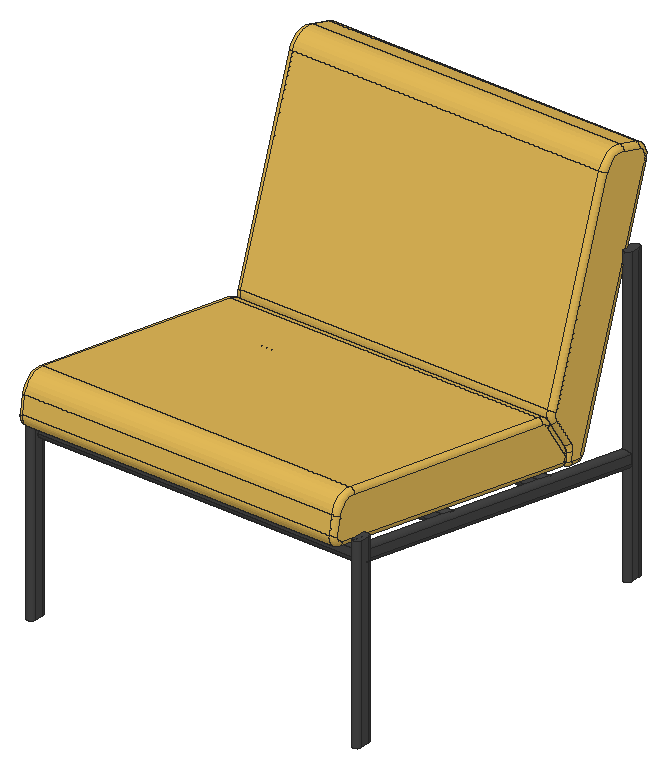
Revit family "Artek_Lounge Chairs_Kiki Lounge Chair_Kiki Lounge Chair", category Furniture, Revit 2018
Family settings
  OmniClass Number = 23.40.20.14.14.11
  OmniClass Title = Chairs
  Work Plane-Based = No
  Always vertical = Yes
  Cut with Voids When Loaded = No
  Shared = No
  Room Calculation Point = No
Parameters (values of type "Kiki Lounge Chair")
  WarrantyStartDate [instance] = "n/a"
  WarrantyGuarantorParts = "n/a"
  WarrantyGuarantorLabor = "n/a"
  WarrantyDurationUnit = "Years"
  WarrantyDurationParts = "n/a"
  WarrantyDurationLabor = "n/a"
  WarrantyDescription = "n/a"
  VersionDate = "11/3/2020"  # constant formula
  Version = "1"  # constant formula
  Uniclass2015Reference = "Pr_40_50_12_48"
  Uniclass2015Description = "Lounge chairs"
  Uniclass2 = "Pr_40_50_12_48"
  URL = "https://www.artek.fi/en/products/kiki-lounge-chair"
  Type Comments = ""
  TagNumber [instance] = "n/a"
  SustainabilityPerformance = "n/a"
  Style = "n/a"
  Size = "600x680x750 mm"
  Shape = "Sculptured"
  SerialNumber [instance] = "n/a"
  SeatingHeight = 413.449 mm
  Revision = "n/a"
  ReplacementCost = "n/a"
  ProductInformation = "The Kiki Lounge Chair has a frame made of distinctive oval steel tubing. The upholstery offers clean, smooth-edged contours that provide comfort and support."
  Product data url = ""
  NominalLength = 602.93 mm
  NominalHeight = 702.678 mm
  NominalDepth = 714.073 mm
  Name = "Kiki Lounge Chair"
  NBSReference = "45-35-20/365"
  NBSDescription = "Domestic chairs"
  ModelReference = "n/a"
  ModelNumber = "28201302"
  Material = "Steel tubing/Upholstery"
  ManufacturerURL = "https://www.artek.fi/"
  ManufacturerName = "Artek"
  Model = "Kiki Lounge Chair"
  Manufacturer = "Artek"
  MainColor = "Black"
  LowestSeatingHeight = SeatingHeight  # 413.449 mm
  LoungeChairSecondaryMaterial = Powder coated black metal
  LoungeChairMainMaterial = Canola
  InstallationDate [instance] = "n/a"
  IfcExportType = "CHAIR"  # constant formula
  IfcExportAs = "IfcFurnishingElementType"  # constant formula
  HighestSeatingHeight = SeatingHeight  # 413.449 mm
  Grade = "n/a"
  Finish = "n/a"
  Features = "n/a"
  ExpectedLife = "n/a"
  DurationUnit = "Years"
  Designer = "Ilmari Tapiovaara"
  Description = "The Kiki Lounge Chair has a frame made of distinctive oval steel tubing. The upholstery offers clean, smooth-edged contours that provide comfort and support."
  Cost = 0
  ConvergoRefNr = "0190-2009-0047-FI"  # constant formula
  Constituents = "n/a"
  Color = "Black"
  Collection = "Kiki Collection"
  CodePerformance = "n/a"
  Barcode [instance] = "n/a"
  AssetIdentifier [instance] = "n/a"
  Category = "Lounge Chairs"
  Brand = "Artek"
  BIMObjectName = "Artek_Lounge Chairs_Kiki Lounge Chair_Kiki Lounge Chair"  # constant formula
  Author = "Convergo AB"  # constant formula
  AssetType = "Movable"
  AccessibilityPerformance = "n/a"
Reference planes
  plane 1 "Center (Front/Back)": y = 0
  plane 2: z = 0
  plane 3 "Center (Left/Right)": x = 0
  plane 4: y = 357.037
  plane 5: x = -301.465
  plane 6: x = 301.465
  plane 7: y = -357.037
  plane 8: z = 702.678
  plane 9: z = 413.449
Dimensions and locks
  equal spacing: plane 5, plane 3 "Center (Left/Right)", plane 6
  "NominalLength": plane 5 to plane 6
  equal spacing: plane 4, plane 1 "Center (Front/Back)", plane 7
  "NominalDepth": plane 7 to plane 4
  "NominalHeight": plane 8 to level
  "SeatingHeight": plane 9 to level
  aligned and locked: level to plane 2
Nested families
  nested 1: "kiki_lounge_chair" at (0, 0, 0), Legs <- "LoungeChairSecondaryMaterial", Sofa <- "LoungeChairMainMaterial", type "kiki_lounge_chair"
    with Sofa Canola, Legs Powder coated black metal
Definition of nested family "kiki_lounge_chair"
  Parameters (values of type "kiki_lounge_chair")
    Sofa [instance] = none
    Legs [instance] = none
  Reference planes
    plane 1 "Center (Front/Back)": y = 0
    plane 2: z = 0
    plane 3 "Center (Left/Right)": x = 0
  Forms (mm)
    Extrusion 1, solid, material <- "Sofa", detail levels medium+fine
      sketch origin (0, 0, 0) x (0, 1, 0) y (0, 0, 1)
        loop
          arc (355.554, 655.179) -> (354.083, 676.227) -> (337.919, 689.789) r 27
          line (337.919, 689.789) -> (301.325, 700.978)
          arc (301.325, 700.978) -> (273.728, 698.571) -> (255.537, 677.679) r 37
          line (255.537, 677.679) -> (138.723, 339.65)
          arc (138.723, 339.65) -> (137.489, 328.004) -> (141.491, 316.997) r 26
          line (141.491, 316.997) -> (173.089, 268.341)
          arc (173.089, 268.341) -> (175.154, 263.418) -> (175.363, 258.083) r 15
          line (175.363, 258.083) -> (173.191, 242.625)
          arc (173.191, 242.625) -> (175.107, 235.215) -> (181.702, 231.331) r 10
          line (181.702, 231.331) -> (196.895, 229.195)
          arc (196.895, 229.195) -> (206.159, 231.122) -> (212.081, 238.501) r 14
          line (212.081, 238.501) -> (355.554, 655.179)
      from -287.063 to 287.063
    Sweep 2, void
      path in 3D
        loop
          arc (287.063, 138.723, 339.65) -> (287.063, 137.489, 328.004) -> (287.063, 141.491, 316.997) r 26
          line (287.063, 141.491, 316.997) -> (287.063, 173.089, 268.341)
          arc (287.063, 173.089, 268.341) -> (287.063, 175.154, 263.418) -> (287.063, 175.363, 258.083) r 15
          line (287.063, 175.363, 258.083) -> (287.063, 173.191, 242.625)
          arc (287.063, 173.191, 242.625) -> (287.063, 175.107, 235.215) -> (287.063, 181.702, 231.331) r 10
          line (287.063, 181.702, 231.331) -> (287.063, 196.895, 229.195)
          arc (287.063, 196.895, 229.195) -> (287.063, 206.159, 231.122) -> (287.063, 212.081, 238.501) r 14
          line (287.063, 212.081, 238.501) -> (287.063, 355.554, 655.179)
          arc (287.063, 355.554, 655.179) -> (287.063, 354.083, 676.227) -> (287.063, 337.919, 689.789) r 27
          line (287.063, 337.919, 689.789) -> (287.063, 301.325, 700.978)
          arc (287.063, 301.325, 700.978) -> (287.063, 273.728, 698.571) -> (287.063, 255.537, 677.679) r 37
          line (287.063, 255.537, 677.679) -> (287.063, 138.723, 339.65)
      profile origin (287.063, 197.13, 508.665) x (0, 0.945155, -0.326621) y (1, 0, 0)
        loop
          line (0, 0) -> (0, -9)
          arc (0, -9) -> (2.636, -2.636) -> (9, 0) r 9
          line (9, 0) -> (0, 0)
    Sweep 3, void
      path in 3D
        loop
          arc (-287.063, 255.537, 677.679) -> (-287.063, 273.728, 698.571) -> (-287.063, 301.325, 700.978) r 37
          line (-287.063, 301.325, 700.978) -> (-287.063, 337.919, 689.789)
          arc (-287.063, 337.919, 689.789) -> (-287.063, 354.083, 676.227) -> (-287.063, 355.554, 655.179) r 27
          line (-287.063, 355.554, 655.179) -> (-287.063, 212.081, 238.501)
          arc (-287.063, 212.081, 238.501) -> (-287.063, 206.159, 231.122) -> (-287.063, 196.895, 229.195) r 14
          line (-287.063, 196.895, 229.195) -> (-287.063, 181.702, 231.331)
          arc (-287.063, 181.702, 231.331) -> (-287.063, 175.107, 235.215) -> (-287.063, 173.191, 242.625) r 10
          line (-287.063, 173.191, 242.625) -> (-287.063, 175.363, 258.083)
          arc (-287.063, 175.363, 258.083) -> (-287.063, 175.154, 263.418) -> (-287.063, 173.089, 268.341) r 15
          line (-287.063, 173.089, 268.341) -> (-287.063, 141.491, 316.997)
          arc (-287.063, 141.491, 316.997) -> (-287.063, 137.489, 328.004) -> (-287.063, 138.723, 339.65) r 26
          line (-287.063, 138.723, 339.65) -> (-287.063, 255.537, 677.679)
      profile origin (-287.063, 197.13, 508.665) x (0, 0.945155, -0.326621) y (-1, 0, 0)
        loop
          line (0, 0) -> (0, -9)
          arc (0, -9) -> (2.636, -2.636) -> (9, 0) r 9
          line (9, 0) -> (0, 0)
    Extrusion 4, solid, material <- "Sofa", detail levels medium+fine
      sketch origin (0, 1.25, 1.25) x (0, 1, 0) y (0, 0, 1)
        loop
          line (115.017, 336.404) -> (-311.402, 411.594)
          arc (-311.402, 411.594) -> (-337.555, 405.796) -> (-351.948, 383.203) r 35
          line (-351.948, 383.203) -> (-357.401, 352.277)
          arc (-357.401, 352.277) -> (-354.127, 337.388) -> (-341.31, 329.132) r 20
          line (-341.31, 329.132) -> (160.701, 237.128)
          arc (160.701, 237.128) -> (168.184, 238.735) -> (172.34, 245.162) r 10
          line (172.34, 245.162) -> (173.526, 251.636)
          arc (173.526, 251.636) -> (173.499, 258.992) -> (170.815, 265.84) r 20
          line (170.815, 265.84) -> (135.249, 322.758)
          arc (135.249, 322.758) -> (126.583, 331.731) -> (115.017, 336.404) r 30
      from -287 to 287
    Sweep 5, void
      path in 3D
        loop
          arc (287, -310.152, 412.844) -> (287, -336.305, 407.046) -> (287, -350.698, 384.453) r 35
          line (287, -350.698, 384.453) -> (287, -356.151, 353.527)
          arc (287, -356.151, 353.527) -> (287, -352.877, 338.638) -> (287, -340.06, 330.382) r 20
          line (287, -340.06, 330.382) -> (287, 161.951, 238.378)
          arc (287, 161.951, 238.378) -> (287, 169.434, 239.985) -> (287, 173.59, 246.412) r 10
          line (287, 173.59, 246.412) -> (287, 174.776, 252.886)
          arc (287, 174.776, 252.886) -> (287, 174.749, 260.242) -> (287, 172.065, 267.09) r 20
          line (287, 172.065, 267.09) -> (287, 136.499, 324.008)
          arc (287, 136.499, 324.008) -> (287, 127.833, 332.981) -> (287, 116.267, 337.654) r 30
          line (287, 116.267, 337.654) -> (287, -310.152, 412.844)
      profile origin (287, -96.943, 375.249) x (0, -0.173648, -0.984808) y (1, 0, 0)
        loop
          line (0, 0) -> (0, -9)
          arc (0, -9) -> (2.636, -2.636) -> (9, 0) r 9
          line (9, 0) -> (0, 0)
    Sweep 6, void
      path in 3D
        loop
          arc (-287, 116.267, 337.654) -> (-287, 127.833, 332.981) -> (-287, 136.499, 324.008) r 30
          line (-287, 136.499, 324.008) -> (-287, 172.065, 267.09)
          arc (-287, 172.065, 267.09) -> (-287, 174.749, 260.242) -> (-287, 174.776, 252.886) r 20
          line (-287, 174.776, 252.886) -> (-287, 173.59, 246.412)
          arc (-287, 173.59, 246.412) -> (-287, 169.434, 239.985) -> (-287, 161.951, 238.378) r 10
          line (-287, 161.951, 238.378) -> (-287, -340.06, 330.382)
          arc (-287, -340.06, 330.382) -> (-287, -352.877, 338.638) -> (-287, -356.151, 353.527) r 20
          line (-287, -356.151, 353.527) -> (-287, -350.698, 384.453)
          arc (-287, -350.698, 384.453) -> (-287, -336.305, 407.046) -> (-287, -310.152, 412.844) r 35
          line (-287, -310.152, 412.844) -> (-287, 116.267, 337.654)
      profile origin (-287, -96.943, 375.249) x (0, -0.173648, -0.984808) y (-1, 0, 0)
        loop
          line (0, 0) -> (0, -9)
          arc (0, -9) -> (2.636, -2.636) -> (9, 0) r 9
          line (9, 0) -> (0, 0)
    Extrusion 7, solid, material <- "Legs", detail levels medium+fine
      sketch origin (0, 0, 0) x (1, 0, 0) y (0, 1, 0)
        loop
          line (-303.062, 314.627) -> (-303.062, 299.653)
          arc (-303.062, 299.653) -> (-295.063, 291.653) -> (-287.063, 299.653) r 8
          line (-287.063, 299.653) -> (-287.063, 314.627)
          arc (-287.063, 314.627) -> (-295.063, 322.627) -> (-303.062, 314.627) r 8
        loop
          arc (303.062, 314.627) -> (295.063, 322.627) -> (287.063, 314.627) r 8
          line (287.063, 314.627) -> (287.063, 299.653)
          arc (287.063, 299.653) -> (295.063, 291.653) -> (303.062, 299.653) r 8
          line (303.062, 299.653) -> (303.062, 314.627)
      from 0 to 535.087
    Extrusion 8, solid, material <- "Legs", detail levels medium+fine
      sketch origin (0, 0, 0) x (1, 0, 0) y (0, 1, 0)
        loop
          line (-303, -299.019) -> (-303, -314.727)
          arc (-303, -314.727) -> (-295, -322.726) -> (-287, -314.727) r 8
          line (-287, -314.727) -> (-287, -299.019)
          arc (-287, -299.019) -> (-295, -291.019) -> (-303, -299.019) r 8
        loop
          arc (303, -299.019) -> (295, -291.019) -> (287, -299.019) r 8
          line (287, -299.019) -> (287, -314.727)
          arc (287, -314.727) -> (295, -322.726) -> (303, -314.727) r 8
          line (303, -314.727) -> (303, -299.019)
      from 0 to 335.082
    Extrusion 9, solid, material <- "Legs", detail levels medium+fine
      sketch origin (0, 0, 0) x (0, 1, 0) y (0, 0, 1)
        loop
          arc (111.893, 225.099) -> (118.303, 215.806) -> (127.596, 222.215) r 7.983
          line (127.596, 222.215) -> (129.981, 235.2)
          arc (129.981, 235.2) -> (123.582, 244.508) -> (114.281, 238.1) r 7.983
          line (114.281, 238.1) -> (111.893, 225.099)
        loop
          arc (-107.976, 264.86) -> (-101.567, 255.567) -> (-92.273, 261.976) r 7.983
          line (-92.273, 261.976) -> (-89.716, 275.9)
          arc (-89.716, 275.9) -> (-96.114, 285.208) -> (-105.416, 278.8) r 7.983
          line (-105.416, 278.8) -> (-107.976, 264.86)
        loop
          arc (-311.839, 300.3) -> (-303.839, 292.3) -> (-295.839, 300.3) r 8
          line (-295.839, 300.3) -> (-295.839, 315.3)
          arc (-295.839, 315.3) -> (-303.839, 323.3) -> (-311.839, 315.3) r 8
          line (-311.839, 315.3) -> (-311.839, 300.3)
        loop
          arc (300.882, 499.263) -> (307.291, 489.969) -> (316.585, 496.379) r 7.983
          line (316.585, 496.379) -> (319.189, 510.559)
          arc (319.189, 510.559) -> (312.78, 519.853) -> (303.487, 513.443) r 7.983
          line (303.487, 513.443) -> (300.882, 499.263)
      from -296.153 to 293.931
    Extrusion 10, solid, material <- "Sofa", detail levels coarse
      sketch origin (0, 0, 0) x (1, 0, 0) y (0, 1, 0)
        loop
          line (301.465, 357.037) -> (-301.465, 357.037) -> (-301.465, -357.037) -> (301.465, -357.037) -> (301.465, 357.037)
      from 0 to 702.678
    Sweep 11, solid, material <- "Legs", detail levels medium+fine
      path origin (281.563, 6.875, 58.75) x (0, 1, 0) y (0, 0, 1)
        loop
          line (304.384, 195.215) -> (-305.712, 305.592)
      profile origin (281.563, 6.211, 309.153) x (0, -0.178027, -0.984026) y (1, 0, 0)
        loop
          line (49.189, -584.238) -> (64.692, -584.238)
          arc (64.692, -584.238) -> (72.192, -576.738) -> (64.692, -569.238) r 7.5
          line (64.692, -569.238) -> (49.189, -569.238)
          arc (49.189, -569.238) -> (41.689, -576.738) -> (49.189, -584.238) r 7.5
    Sweep 12, solid, material <- "Legs", detail levels medium+fine
      path origin (-281.563, 6.875, 58.75) x (0, 1, 0) y (0, 0, -1)
        loop
          line (304.384, -195.215) -> (-305.712, -305.592)
      profile origin (-281.563, 6.211, 309.153) x (0, 0.178027, 0.984026) y (-1, 0, 0)
        loop
          arc (-49.189, -584.238) -> (-41.689, -576.738) -> (-49.189, -569.238) r 7.5
          line (-49.189, -569.238) -> (-64.692, -569.238)
          arc (-64.692, -569.238) -> (-72.192, -576.738) -> (-64.692, -584.238) r 7.5
          line (-64.692, -584.238) -> (-49.189, -584.238)
  Cuts and joins
    Sweep 2, Sweep 3 cuts Extrusion 1
    Sweep 5, Sweep 6 cuts Extrusion 4
    joined: Extrusion 7, Extrusion 8, Extrusion 9
  Lines and regions (mm)
    sketch lines
      curve 1: line (287.063, 255.537, 677.679) -> (287.063, 138.723, 339.65)
      curve 2: arc (287.063, 255.537, 677.679) -> (287.063, 273.728, 698.571) -> (287.063, 301.325, 700.978) r 37
      curve 3: line (287.063, 337.919, 689.789) -> (287.063, 301.325, 700.978)
      curve 4: arc (287.063, 337.919, 689.789) -> (287.063, 354.083, 676.227) -> (287.063, 355.554, 655.179) r 27
      curve 5: line (287.063, 212.081, 238.501) -> (287.063, 355.554, 655.179)
      curve 6: arc (287.063, 141.491, 316.997) -> (287.063, 137.489, 328.004) -> (287.063, 138.723, 339.65) r 26
      curve 7: arc (287.063, 212.081, 238.501) -> (287.063, 206.159, 231.122) -> (287.063, 196.895, 229.195) r 14
      curve 8: line (287.063, 181.702, 231.331) -> (287.063, 196.895, 229.195)
      curve 9: line (287.063, 141.491, 316.997) -> (287.063, 173.089, 268.341)
      curve 10: arc (287.063, 175.363, 258.083) -> (287.063, 175.154, 263.418) -> (287.063, 173.089, 268.341) r 15
      curve 11: line (287.063, 175.363, 258.083) -> (287.063, 173.191, 242.625)
      curve 12: arc (287.063, 181.702, 231.331) -> (287.063, 175.107, 235.215) -> (287.063, 173.191, 242.625) r 10
      curve 13: line (-287.063, 138.723, 339.65) -> (-287.063, 255.537, 677.679)
      curve 14: arc (-287.063, 301.325, 700.978) -> (-287.063, 273.728, 698.571) -> (-287.063, 255.537, 677.679) r 37
      curve 15: line (-287.063, 301.325, 700.978) -> (-287.063, 337.919, 689.789)
      curve 16: arc (-287.063, 355.554, 655.179) -> (-287.063, 354.083, 676.227) -> (-287.063, 337.919, 689.789) r 27
      curve 17: line (-287.063, 355.554, 655.179) -> (-287.063, 212.081, 238.501)
      curve 18: arc (-287.063, 196.895, 229.195) -> (-287.063, 206.159, 231.122) -> (-287.063, 212.081, 238.501) r 14
      curve 19: line (-287.063, 196.895, 229.195) -> (-287.063, 181.702, 231.331)
      curve 20: arc (-287.063, 138.723, 339.65) -> (-287.063, 137.489, 328.004) -> (-287.063, 141.491, 316.997) r 26
      curve 21: line (-287.063, 173.089, 268.341) -> (-287.063, 141.491, 316.997)
      curve 22: arc (-287.063, 173.089, 268.341) -> (-287.063, 175.154, 263.418) -> (-287.063, 175.363, 258.083) r 15
      curve 23: line (-287.063, 173.191, 242.625) -> (-287.063, 175.363, 258.083)
      curve 24: arc (-287.063, 173.191, 242.625) -> (-287.063, 175.107, 235.215) -> (-287.063, 181.702, 231.331) r 10
      curve 25: line (287, 116.267, 337.654) -> (287, -310.152, 412.844)
      curve 26: arc (287, 116.267, 337.654) -> (287, 127.833, 332.981) -> (287, 136.499, 324.008) r 30
      curve 27: line (287, 172.065, 267.09) -> (287, 136.499, 324.008)
      curve 28: arc (287, -350.698, 384.453) -> (287, -336.305, 407.046) -> (287, -310.152, 412.844) r 35
      curve 29: line (287, -350.698, 384.453) -> (287, -356.151, 353.527)
      curve 30: arc (287, -340.06, 330.382) -> (287, -352.877, 338.638) -> (287, -356.151, 353.527) r 20
      curve 31: line (287, -340.06, 330.382) -> (287, 161.951, 238.378)
      curve 32: arc (287, 172.065, 267.09) -> (287, 174.749, 260.242) -> (287, 174.776, 252.886) r 20
      curve 33: arc (287, 173.59, 246.412) -> (287, 169.434, 239.985) -> (287, 161.951, 238.378) r 10
      curve 34: line (287, 173.59, 246.412) -> (287, 174.776, 252.886)
      curve 35: line (-287, -310.152, 412.844) -> (-287, 116.267, 337.654)
      curve 36: arc (-287, -310.152, 412.844) -> (-287, -336.305, 407.046) -> (-287, -350.698, 384.453) r 35
      curve 37: line (-287, -356.151, 353.527) -> (-287, -350.698, 384.453)
      curve 38: arc (-287, -356.151, 353.527) -> (-287, -352.877, 338.638) -> (-287, -340.06, 330.382) r 20
      curve 39: line (-287, 161.951, 238.378) -> (-287, -340.06, 330.382)
      curve 40: arc (-287, 161.951, 238.378) -> (-287, 169.434, 239.985) -> (-287, 173.59, 246.412) r 10
      curve 41: line (-287, 174.776, 252.886) -> (-287, 173.59, 246.412)
      curve 42: arc (-287, 174.776, 252.886) -> (-287, 174.749, 260.242) -> (-287, 172.065, 267.09) r 20
      curve 43: line (-287, 136.499, 324.008) -> (-287, 172.065, 267.09)
      curve 44: arc (-287, 136.499, 324.008) -> (-287, 127.833, 332.981) -> (-287, 116.267, 337.654) r 30
    symbolic lines, detail levels medium+fine
      curve 45: line (0, 301.098, 701.078) -> (0, 339.35, 689.383)
      curve 46: arc (0, 339.35, 689.383) -> (0, 354.461, 676.926) -> (0, 356.338, 657.434) r 25.586
      curve 47: line (0, 356.338, 657.434) -> (0, 314.21, 535.087)
      curve 48: line (0, 314.21, 535.087) -> (0, 326.377, 535.087)
      curve 49: line (0, 326.377, 535.087) -> (0, 326.377, 0)
      curve 50: line (0, 326.377, 0) -> (0, 295.403, 0)
      curve 51: line (0, 295.403, 0) -> (0, 295.403, 183.239)
      curve 52: line (0, 295.403, 183.239) -> (0, -293.518, 289.696)
      curve 53: line (0, -293.518, 289.696) -> (0, -293.518, 0)
      curve 54: line (0, -293.518, 0) -> (0, -325.226, 0)
      curve 55: line (0, -325.226, 0) -> (0, -325.226, 327.608)
      curve 56: line (0, -325.226, 327.608) -> (0, -339.999, 330.212)
      curve 57: arc (0, -339.999, 330.212) -> (0, -352.977, 338.481) -> (0, -356.308, 353.504) r 20.106
      curve 58: line (0, -356.308, 353.504) -> (0, -350.725, 385.168)
      curve 59: arc (0, -350.725, 385.168) -> (0, -336.631, 407.291) -> (0, -311.022, 412.968) r 34.272
      curve 60: line (0, -311.022, 412.968) -> (0, 117.369, 337.431)
      curve 61: arc (0, 117.369, 337.431) -> (0, 129.378, 332.385) -> (0, 138.031, 322.646) r 29.414
      curve 62: line (0, 139.176, 341.289) -> (0, 254.753, 676.948)
      curve 63: arc (0, 138.031, 322.646) -> (0, 137.336, 332.045) -> (0, 139.176, 341.289) r 34.982
      curve 64: arc (0, 254.753, 676.948) -> (0, 272.989, 698.494) -> (0, 301.098, 701.078) r 37.27
      curve 85: arc (-278.495, 0, 702.678) -> (-284.522, 0, 700.181) -> (-287.018, 0, 694.154) r 8.524
      curve 86: line (-287.018, 0, 694.154) -> (-287.018, 0, 534.154)
      curve 88: line (-287.063, 0, 535.087) -> (-302.359, 0, 535.087)
      curve 89: line (-302.359, 0, 535.087) -> (-302.359, 0, 0)
      curve 90: line (-302.359, 0, 0) -> (-287.063, 0, 0)
      curve 91: line (-287.063, 0, 0) -> (-287.063, 0, 215.709)
      curve 92: line (-287.063, 0, 215.709) -> (0, 0, 215.709)
      curve 103: line (0, 357.037, 0) -> (-273.442, 357.037, 0)
      curve 104: arc (-273.442, 357.037, 0) -> (-279.586, 354.492, 0) -> (-282.131, 348.347, 0) r 8.689
      curve 105: line (-282.131, 348.347, 0) -> (-282.131, 319.386, 0)
      curve 106: line (-282.131, 319.386, 0) -> (-285.613, 319.386, 0)
      curve 107: line (-301.549, 318.377, 0) -> (-301.549, 303.403, 0)
      curve 108: arc (-301.549, 303.403, 0) -> (-301.398, 301.857, 0) -> (-300.951, 300.369, 0) r 8
      curve 110: line (-300.951, 300.369, 0) -> (-300.951, -298.698, 0)
      curve 112: line (-301.465, -301.519, 0) -> (-301.465, -317.227, 0)
      curve 113: arc (-301.465, -317.227, 0) -> (-293.465, -325.226, 0) -> (-285.465, -317.227, 0) r 8
      curve 114: line (-285.465, -317.227, 0) -> (-285.465, -311.839, 0)
      curve 115: line (-285.465, -311.839, 0) -> (-280.716, -311.839, 0)
      curve 116: line (-280.716, -311.839, 0) -> (-280.716, -347.402, 0)
      curve 117: arc (-280.716, -347.402, 0) -> (-277.894, -354.215, 0) -> (-271.081, -357.037, 0) r 9.635
      curve 118: line (-271.081, -357.037, 0) -> (0, -357.037, 0)
      curve 128: arc (-285.55, 318.294, 0) -> (-285.563, 318.841, 0) -> (-285.613, 319.386, 0) r 8
      curve 129: arc (-285.613, 319.386, 0) -> (-294.054, 326.361, 0) -> (-301.549, 318.377, 0) r 8
      curve 149: arc (-300.951, -298.698, 0) -> (-301.335, -300.085, 0) -> (-301.465, -301.519, 0) r 8
      curve 151: line (0, 0, 702.678) -> (-278.495, 0, 702.678)
      curve 152: line (0, 357.037, 0) -> (273.442, 357.037, 0)
      curve 153: arc (273.442, 357.037, 0) -> (279.586, 354.492, 0) -> (282.131, 348.347, 0) r 8.689
      curve 154: line (282.131, 348.347, 0) -> (282.131, 319.386, 0)
      curve 155: line (282.131, 319.386, 0) -> (285.613, 319.386, 0)
      curve 156: line (301.549, 318.377, 0) -> (301.549, 303.403, 0)
      curve 157: arc (301.549, 303.403, 0) -> (301.398, 301.857, 0) -> (300.951, 300.369, 0) r 8
      curve 159: line (300.951, 300.369, 0) -> (300.951, -298.698, 0)
      curve 161: line (301.465, -301.519, 0) -> (301.465, -317.227, 0)
      curve 162: arc (301.465, -317.227, 0) -> (293.465, -325.226, 0) -> (285.465, -317.227, 0) r 8
      curve 163: line (285.465, -317.227, 0) -> (285.465, -311.839, 0)
      curve 164: line (285.465, -311.839, 0) -> (280.716, -311.839, 0)
      curve 165: line (280.716, -311.839, 0) -> (280.716, -347.402, 0)
      curve 166: arc (280.716, -347.402, 0) -> (277.894, -354.215, 0) -> (271.081, -357.037, 0) r 9.635
      curve 167: line (271.081, -357.037, 0) -> (0, -357.037, 0)
      curve 177: arc (285.55, 318.294, 0) -> (285.563, 318.841, 0) -> (285.613, 319.386, 0) r 8
      curve 178: arc (285.613, 319.386, 0) -> (294.054, 326.361, 0) -> (301.549, 318.377, 0) r 8
      curve 198: arc (300.951, -298.698, 0) -> (301.335, -300.085, 0) -> (301.465, -301.519, 0) r 8
      curve 200: arc (278.619, 0, 702.678) -> (284.646, 0, 700.181) -> (287.142, 0, 694.154) r 8.524
      curve 201: line (287.142, 0, 694.154) -> (287.142, 0, 535.087)
      curve 203: line (287.142, 0, 535.087) -> (302.359, 0, 535.087)
      curve 204: line (302.359, 0, 535.087) -> (302.359, 0, 0)
      curve 205: line (302.359, 0, 0) -> (287.142, 0, 0)
      curve 206: line (287.142, 0, 0) -> (287.142, 0, 215.709)
      curve 207: line (287.142, 0, 215.709) -> (0, 0, 215.709)
      curve 218: line (0, 0, 702.678) -> (278.619, 0, 702.678)
    symbolic lines, detail levels fine
      curve 65: line (0, 314.21, 535.087) -> (0, 295.403, 535.087)
      curve 66: line (0, 295.403, 535.087) -> (0, 295.403, 215.087)
      curve 67: line (0, 295.403, 215.087) -> (0, -293.459, 321.155)
      curve 68: line (0, -293.459, 321.155) -> (0, -293.459, 335.082)
      curve 69: line (0, -293.459, 335.082) -> (0, -325.226, 335.082)
      curve 70: line (0, -325.226, 335.082) -> (0, -325.226, 327.608)
      curve 71: line (0, 295.403, 480.678) -> (0, 212.384, 239.571)
      curve 72: arc (0, 212.384, 239.571) -> (0, 208.984, 234.451) -> (0, 203.519, 231.637) r 12.204
      curve 73: line (0, 138.031, 322.646) -> (0, 172.993, 266.694)
      curve 74: arc (0, 172.993, 266.694) -> (0, 174.961, 261.807) -> (0, 175.125, 256.541) r 15.062
      curve 75: line (0, 175.125, 256.541) -> (0, 173.275, 243.845)
      curve 76: arc (0, 173.275, 243.845) -> (0, 174.137, 239.325) -> (0, 177.609, 236.304) r 7.036
      curve 77: line (0, 173.275, 243.845) -> (0, 173.996, 248.793)
      curve 78: arc (0, 166.178, 238.363) -> (0, 170.835, 239.669) -> (0, 173.275, 243.845) r 6.451
      curve 79: line (0, 300.857, 203.381) -> (0, 297.562, 185.167)
      curve 80: arc (0, 295.403, 215.087) -> (0, 299.989, 210.1) -> (0, 300.857, 203.381) r 11.191
      curve 81: arc (0, 297.562, 185.167) -> (0, 296.814, 183.832) -> (0, 295.403, 183.239) r 2.352
      curve 82: line (0, -298.735, 314.11) -> (0, -298.735, 298.355)
      curve 83: arc (0, -293.459, 321.155) -> (0, -297.27, 318.511) -> (0, -298.735, 314.11) r 7.341
      curve 84: arc (0, -298.735, 298.355) -> (0, -297.33, 293.301) -> (0, -293.518, 289.696) r 9.794
      curve 87: line (-287.063, 0, 519.999) -> (-287.063, 0, 535.087)
      curve 93: line (-287.063, 0, 215.709) -> (-287.063, 0, 519.999)
      curve 94: line (-287.018, 0, 519.999) -> (-287.018, 0, 323.245)
      curve 95: line (0, 0, 323.245) -> (-287.063, 0, 323.245)
      curve 96: line (-287.063, 0, 292.641) -> (0, 0, 292.641)
      curve 97: line (-287.063, 0, 285.394) -> (0, 0, 285.394)
      curve 98: line (-287.063, 0, 255.456) -> (0, 0, 255.456)
      curve 99: line (-287.063, 0, 244.677) -> (0, 0, 244.677)
      curve 100: line (0, 0, 413.449) -> (-278.395, 0, 413.449)
      curve 101: arc (-278.395, 0, 413.449) -> (-284.524, 0, 410.91) -> (-287.063, 0, 404.781) r 8.667
      curve 102: line (-287.063, 0, 404.781) -> (-287.063, 0, 323.245)
      curve 109: arc (-300.951, 300.369, 0) -> (-291.962, 295.562, 0) -> (-285.55, 303.487, 0) r 8
      curve 111: arc (-285.465, -301.519, 0) -> (-292.031, -293.649, 0) -> (-300.951, -298.698, 0) r 8
      curve 119: line (-285.999, 300.757, 0) -> (-285.999, 130.091, 0)
      curve 120: line (-285.999, 130.114, 0) -> (-280.716, 130.114, 0)
      curve 121: line (-280.716, 130.114, 0) -> (-280.716, 141.493, 0)
      curve 122: line (-285.999, 300.757, 0) -> (-282.131, 300.757, 0)
      curve 123: line (-282.131, 300.757, 0) -> (-282.131, 147.095, 0)
      curve 124: arc (-282.131, 147.095, 0) -> (-281.764, 144.202, 0) -> (-280.687, 141.493, 0) r 11.586
      curve 125: arc (-280.687, 141.493, 0) -> (-277.683, 138.364, 0) -> (-273.52, 137.146, 0) r 8.422
      curve 126: line (-273.52, 137.146, 0) -> (0, 137.146, 0)
      curve 127: line (-285.55, 303.487, 0) -> (-285.55, 318.294, 0)
      curve 130: line (-280.716, 130.114, 0) -> (-280.716, -311.839, 0)
      curve 131: line (-285.965, 111.774, 0) -> (-280.716, 111.774, 0)
      curve 132: line (-285.965, -89.654, 0) -> (-280.716, -89.654, 0)
      curve 133: line (-285.965, -108.095, 0) -> (-280.716, -108.095, 0)
      curve 134: line (-285.965, 111.774, 0) -> (-285.965, -89.654, 0)
      curve 135: line (-285.965, -108.095, 0) -> (-285.965, -295.839, 0)
      curve 136: line (-285.965, -295.839, 0) -> (-280.716, -295.839, 0)
      curve 137: line (-285.465, -311.839, 0) -> (-285.465, -301.519, 0)
      curve 138: line (-285.965, -295.839, 0) -> (-287.361, -296.348, 0)
      curve 139: line (-285.965, -108.095, 0) -> (-285.965, -105.349, 0)
      curve 140: arc (-285.965, -105.349, 0) -> (-286.112, -104.648, 0) -> (-286.527, -104.064, 0) r 1.75
      curve 141: arc (-286.527, -104.064, 0) -> (-290.576, -100.191, 0) -> (-294.488, -96.179, 0) r 161.02
      curve 142: line (-285.965, -89.654, 0) -> (-287.001, -90.252, 0)
      curve 143: arc (-287.001, -90.252, 0) -> (-290.961, -92.942, 0) -> (-294.488, -96.179, 0) r 32.816
      curve 144: arc (-285.965, 114.416, 0) -> (-286.112, 115.118, 0) -> (-286.527, 115.701, 0) r 1.75
      curve 145: arc (-286.527, 115.701, 0) -> (-290.576, 119.575, 0) -> (-294.488, 123.586, 0) r 161.02
      curve 146: line (-285.999, 130.091, 0) -> (-287.001, 129.513, 0)
      curve 147: arc (-287.001, 129.513, 0) -> (-290.961, 126.824, 0) -> (-294.488, 123.586, 0) r 32.816
      curve 148: line (-285.965, 114.416, 0) -> (-285.965, 111.774, 0)
      curve 150: line (-282.131, 300.757, 0) -> (-282.131, 319.386, 0)
      curve 158: arc (300.951, 300.369, 0) -> (291.962, 295.562, 0) -> (285.55, 303.487, 0) r 8
      curve 160: arc (285.465, -301.519, 0) -> (292.031, -293.649, 0) -> (300.951, -298.698, 0) r 8
      curve 168: line (285.999, 300.757, 0) -> (285.999, 130.091, 0)
      curve 169: line (285.999, 130.114, 0) -> (280.716, 130.114, 0)
      curve 170: line (280.716, 130.114, 0) -> (280.716, 141.493, 0)
      curve 171: line (285.999, 300.757, 0) -> (282.131, 300.757, 0)
      curve 172: line (282.131, 300.757, 0) -> (282.131, 147.095, 0)
      curve 173: arc (282.131, 147.095, 0) -> (281.764, 144.202, 0) -> (280.687, 141.493, 0) r 11.586
      curve 174: arc (280.687, 141.493, 0) -> (277.683, 138.364, 0) -> (273.52, 137.146, 0) r 8.422
      curve 175: line (273.52, 137.146, 0) -> (0, 137.146, 0)
      curve 176: line (285.55, 303.487, 0) -> (285.55, 318.294, 0)
      curve 179: line (280.716, 130.114, 0) -> (280.716, -311.839, 0)
      curve 180: line (285.965, 111.774, 0) -> (280.716, 111.774, 0)
      curve 181: line (285.965, -89.654, 0) -> (280.716, -89.654, 0)
      curve 182: line (285.965, -108.095, 0) -> (280.716, -108.095, 0)
      curve 183: line (285.965, 111.774, 0) -> (285.965, -89.654, 0)
      curve 184: line (285.965, -108.095, 0) -> (285.965, -295.839, 0)
      curve 185: line (285.965, -295.839, 0) -> (280.716, -295.839, 0)
      curve 186: line (285.465, -311.839, 0) -> (285.465, -301.519, 0)
      curve 187: line (285.965, -295.839, 0) -> (287.361, -296.348, 0)
      curve 188: line (285.965, -108.095, 0) -> (285.965, -105.349, 0)
      curve 189: arc (285.965, -105.349, 0) -> (286.112, -104.648, 0) -> (286.527, -104.064, 0) r 1.75
      curve 190: arc (286.527, -104.064, 0) -> (290.576, -100.191, 0) -> (294.488, -96.179, 0) r 161.02
      curve 191: line (285.965, -89.654, 0) -> (287.001, -90.252, 0)
      curve 192: arc (287.001, -90.252, 0) -> (290.961, -92.942, 0) -> (294.488, -96.179, 0) r 32.816
      curve 193: arc (285.965, 114.416, 0) -> (286.112, 115.118, 0) -> (286.527, 115.701, 0) r 1.75
      curve 194: arc (286.527, 115.701, 0) -> (290.576, 119.575, 0) -> (294.488, 123.586, 0) r 161.02
      curve 195: line (285.999, 130.091, 0) -> (287.001, 129.513, 0)
      curve 196: arc (287.001, 129.513, 0) -> (290.961, 126.824, 0) -> (294.488, 123.586, 0) r 32.816
      curve 197: line (285.965, 114.416, 0) -> (285.965, 111.774, 0)
      curve 199: line (282.131, 300.757, 0) -> (282.131, 319.386, 0)
      curve 202: line (287.142, 0, 519.999) -> (287.142, 0, 535.087)
      curve 208: line (287.142, 0, 215.709) -> (287.142, 0, 519.999)
      curve 209: line (287.142, 0, 519.999) -> (287.142, 0, 323.245)
      curve 210: line (0, 0, 323.245) -> (287.142, 0, 323.245)
      curve 211: line (287.142, 0, 292.641) -> (0, 0, 292.641)
      curve 212: line (287.142, 0, 285.394) -> (0, 0, 285.394)
      curve 213: line (287.142, 0, 255.456) -> (0, 0, 255.456)
      curve 214: line (287.142, 0, 244.677) -> (0, 0, 244.677)
      curve 215: line (0, 0, 413.449) -> (278.475, 0, 413.449)
      curve 216: arc (278.475, 0, 413.449) -> (284.603, 0, 410.91) -> (287.142, 0, 404.781) r 8.667
      curve 217: line (287.142, 0, 404.781) -> (287.142, 0, 323.245)
  Dimensions and locks
    aligned and locked: level to plane 2
